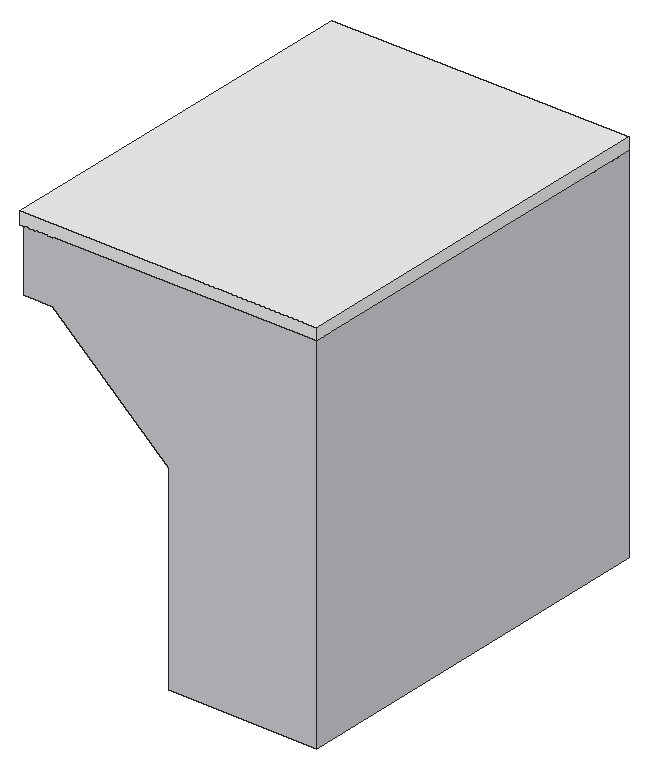
Revit family
Parameters (values of type "600 x610mm")
  폭 = 760 mm
  Assembly Code = ""
  Type Comments = "11"
  Description = ""
  Model = "COUSTOM"
  길이 = 1695 mm
  MAT'L = STL
Types (2): name
  600 x610mm
  600 x610mm 2
Reference planes
  plane 1 "중심(앞/뒤)": y = 0
  plane 2: z = 0
  plane 3 "중심(왼쪽/오른쪽)": x = 0
  plane 4: x = -843.628
  plane 5: x = 851.372
  plane 6: y = 380
  plane 7: y = -380
  plane 8 "A": y = -240
Forms (mm)
  Extrusion 1, solid, material "STL"
    sketch origin (0, 0, 0) x (1, 0, 0) y (0, 1, 0)
      loop
        line (-240, 390) -> (-240, -240) -> (240, -240) -> (240, 390) -> (-240, 390)
    from 590 to 610
  Extrusion 2, solid
    sketch origin (0, -240, 0) x (-1, 0, 0) y (0, 0, 1)
      loop
        line (-240, 590) -> (-240, 0) -> (0, 0) -> (0, 321.67) -> (187.034, 490) -> (235, 490) -> (235, 590) -> (-240, 590)
    from 0 to 630
Dimensions and locks
  "폭": plane 7 to plane 6
  "길이": plane 4 to plane 5
Automatic sketch dimensions
  Extrusion 1 sketch curve to plane 3 "중심(왼쪽/오른쪽)" = 240 mm
  plane 3 "중심(왼쪽/오른쪽)" to Extrusion 1 sketch curve = 240 mm
  Extrusion 1 sketch curve to plane 7 = 140 mm
  Extrusion 1 sketch curve to plane 6 = 10 mm
  Extrusion 2 sketch curve to level = 0 mm
  Extrusion 2 sketch curve to plane 3 "중심(왼쪽/오른쪽)" = 0 mm
  plane 3 "중심(왼쪽/오른쪽)" to Extrusion 2 sketch curve = 240 mm
  Extrusion 2 sketch curve to plane 3 "중심(왼쪽/오른쪽)" = 187.034 mm
  Extrusion 2 sketch curve to Extrusion 2 sketch curve = 47.966 mm
  level to Extrusion 2 sketch curve = 321.67 mm
  Extrusion 2 sketch curve to Extrusion 2 sketch curve = 168.33 mm
  Extrusion 2 sketch curve to Extrusion 2 sketch curve = 100 mm
